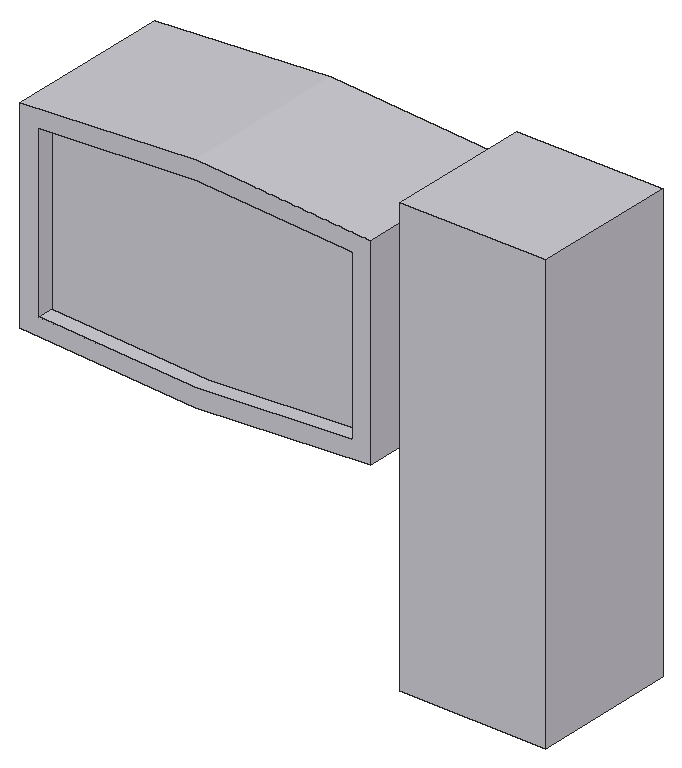
Revit family "Lighting-Track-Amerlux-Murro_Vertical_Wallwash", category Lighting Fixtures, host Face, Revit 2015
Parameters
  Width = 0' - 2 5/16"
  Wattage = 9.2903 W
  built-in parameter 1150110 = 1 (stored number, unit not read)
  built-in parameter 1114217 = 1 (stored number, unit not read)
  Tilt Angle = 90.00°
  built-in parameter 1150109 = 1 (stored number, unit not read)
  built-in parameter 1150134 = 3
  built-in parameter 1150113 = 1 (stored number, unit not read)
  Photometric Web File = "generic"
  built-in parameter 1150142 = (empty or 0)
  built-in parameter 1150105 = 109.82 (stored number, unit not read)
  Lumens = 1380 lm
  built-in parameter 1150115 = 1 (stored number, unit not read)
  built-in parameter 1150137 = (empty or 0)
  built-in parameter 1150139 = (empty or 0)
  built-in parameter 1150112 = 1 (stored number, unit not read)
  built-in parameter 1150114 = 1 (stored number, unit not read)
  built-in parameter 1150132 = (empty or 0)
  built-in parameter 1150102 = (empty or 0)
  built-in parameter 1150107 = 3200 (stored number, unit not read)
  built-in parameter 1150138 = (empty or 0)
  built-in parameter 1150106 = 1.0982 (stored number, unit not read)
  Voltage = 0 V
  URL = "http://www.amerlux.com"
  Trim [instance] = yes
  Power Factor = 1
  Number of Poles = 1
  Model = "MURRO"
  Manufacturer = "Amerlux"
  Lamp = "LED"
  Fixture Finish = White
  Emit from Rectangle Width = 0' - 2 1/2"  # constant formula
  Emit from Rectangle Length = 0' - 4"  # constant formula
  Emit Shape Visible in Rendering = no
  built-in parameter 1150104 = 13.8 (stored number, unit not read)
  Dimming Lamp Color Temperature Shift = <None>
  Description = "Track LED"
  Default Elevation = 4' - 0"
  Color Filter = 16777215
  built-in parameter 1114218 = 1 (stored number, unit not read)
  built-in parameter 1150133 = 10 (stored number, unit not read)
  Apparent Load = 0 VA
Reference planes (in)
  plane 1 "Center (Front/Back)": y = 0
  plane 2: z = 0
  plane 3 "Center (Left/Right)": x = 0
  plane 4: z = -4.75
  plane 5: x = -1
  plane 6: x = 1
  plane 7: z = 26.3856
  plane 8: y = 1
  plane 9: y = -1
  plane 10: z = 6
  plane 11: y = -1.6582
  plane 12: y = -6.4707
  plane 13: z = 5.70615
  plane 14: z = 2.64365
Forms (in)
  Extrusion 1, solid, material "White Finish"
    sketch origin (-0.00041, 0, 0) x (1, 0, 0) y (0, 0, 1)
      loop
        line (1, 6) -> (-1, 6) -> (-1, 0) -> (1, 0) -> (1, 6)
    from -1 to 1
  Extrusion 2, solid, material "White Finish"
    sketch origin (0.43709, 0, 0) x (1, 0, 0) y (0, 0, 1)
      loop
        line (-1.6582, 2.7999) -> (-1.6582, 5.5599)
        arc (-1.6582, 5.5599) -> (-4.06445, 5.70615) -> (-6.4707, 5.5599) r 19.86783
        line (-6.4707, 5.5599) -> (-6.4707, 2.7999)
        arc (-6.4707, 2.7999) -> (-4.06445, 2.65365) -> (-1.6582, 2.7999) r 19.86783
    from -1.09045 to 1.22205
  Extrusion 3, solid, material "White Finish"
    sketch origin (-0.00041, 0, 0) x (1, 0, 0) y (0, 0, 1)
      loop
        line (-0.90607, 4.5713) -> (-1.2764, 4.5713) -> (-1.2764, 3.8213) -> (-0.90607, 3.8213) -> (-0.90607, 4.5713)
    from -0.20393 to 0.19949
  Extrusion 4, void
    sketch origin (-0.00041, 0, 0) x (1, 0, 0) y (0, 0, 1)
      loop
        arc (-1.4707, 5.33729) -> (-3.62695, 5.45615) -> (-5.7832, 5.33729) r 19.61783
        line (-5.7832, 5.33729) -> (-5.7832, 3.02251)
        arc (-5.7832, 3.02251) -> (-3.62695, 2.90365) -> (-1.4707, 3.02251) r 19.61783
        line (-1.4707, 3.02251) -> (-1.4707, 5.33729)
    from 1 to 1.22205
Cuts and joins
  Extrusion 4 cuts Extrusion 2
Dimensions and locks (in)
  equal spacing: plane 5, plane 3 "Center (Left/Right)", plane 6
  plane 5 to plane 6 = 0' - 2"
  Extrusion 1 to host face = 0' - 6"
  aligned and locked: plane 2 to host face
  aligned and locked: level to host face
  aligned and locked: imposter light to cut or joined group of Extrusion 2, Extrusion 4
Automatic sketch dimensions
  host sketch curve to host sketch curve = 2' - 6.49556"
  host sketch curve to host sketch curve = 2' - 7.77944"
  Extrusion 1 sketch curve to plane 10 = 0' - 0"
  Extrusion 1 sketch curve to level = 0' - 0"
  plane 6 to Extrusion 1 sketch curve = 0' - 2.00041"
  Extrusion 1 sketch curve to Extrusion 1 sketch curve = 0' - 2"
  Extrusion 2 sketch curve to plane 13 = 0' - 0.14625"  (x2)
  plane 5 to Extrusion 2 sketch curve = 0' - 5.03361"
  plane 5 to Extrusion 2 sketch curve = 0' - 2.62736"  (x2)
  plane 14 to Extrusion 2 sketch curve = 0' - 0 5/32"
  Extrusion 2 sketch curve to plane 4 = 0' - 9.41168"
  Extrusion 2 sketch curve to plane 7 = 0' - 3.86413"
  plane 6 to Extrusion 3 sketch curve = 0' - 2.27681"
  Extrusion 3 sketch curve to Extrusion 3 sketch curve = 0' - 0.37033"
  plane 14 to Extrusion 3 sketch curve = 0' - 1.17765"
  Extrusion 3 sketch curve to Extrusion 3 sketch curve = 0' - 0 3/4"
  plane 14 to Extrusion 4 sketch curve = 0' - 0.37886"
  plane 5 to Extrusion 4 sketch curve = 0' - 4.78361"
  plane 5 to Extrusion 4 sketch curve = 0' - 2.62736"  (x2)
  plane 6 to Extrusion 4 sketch curve = 0' - 2.47111"
  Extrusion 4 sketch curve to plane 4 = 0' - 9.41168"
  Extrusion 4 sketch curve to plane 13 = 0' - 0.36886"
  Extrusion 4 sketch curve to plane 7 = 0' - 3.86413"
Connectors (in)
  electrical at (-0.00041, 0, 0), driven by "Number of Poles", driven by "Voltage", driven by "Apparent Load", driven by "Power Factor"
    settings: on Extrusion 1, index 1, voltage 0 V, apparent load 0 VA, apparent load phase1 0 VA, apparent load phase2 0 VA, apparent load phase3 0 VA, power factor 1, load classification "Other", number of poles 1, system type 31, power factor state 1, is connector primary yes, connector utility no, sub classification motor no, connector description ""
